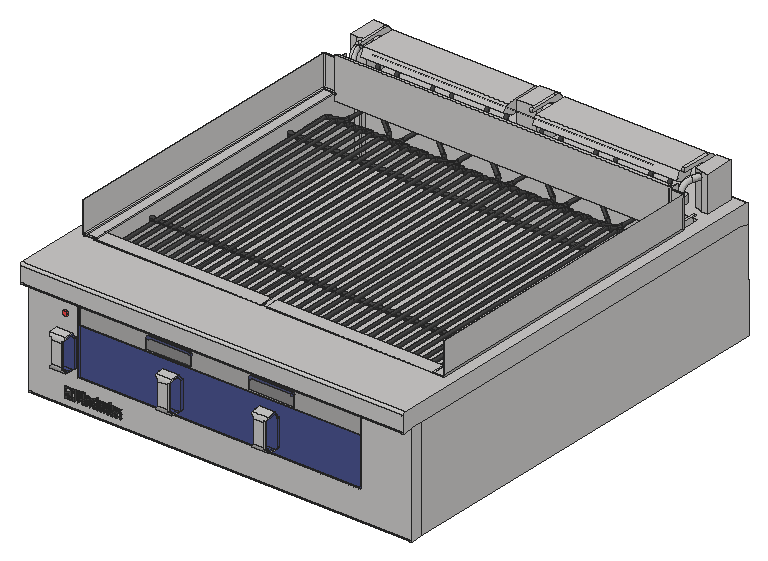
Revit family "QF_ELECTROLUXPROFESSIONAL_589286_MCDEAAHOIO", category Specialty Equipment, Revit 2018 (continued)
Automatic sketch dimensions
  Sweep 7 sketch curve to profile plane = 24.981 mm
  Sweep 7 sketch curve to Sweep 7 sketch curve = 2.981 mm
  Sweep 7 sketch curve to profile plane = 3 mm
  profile plane to Sweep 7 sketch curve = 22 mm
  Sweep 7 sketch curve to Sweep 7 sketch curve = 3.019 mm
  Sweep 7 sketch curve to Sweep 7 sketch curve = 22 mm  (x2)
  plane 15 "EI_y" to Extrusion 8 sketch curve = 3.348 mm
  plane 14 "EI_x" to Extrusion 8 sketch curve = 79 mm
  plane 14 "EI_x" to Extrusion 8 sketch curve = 74.991 mm
  plane 3 "LEFT" to Extrusion 8 sketch curve = 26.557 mm
  plane 10 "MontanteBack" to Extrusion 8 sketch curve = 71.621 mm  (x2)
  Extrusion 8 sketch curve to plane 15 "EI_y" = 16.548 mm
  Extrusion 8 sketch curve to Extrusion 8 sketch curve = 0.895 mm  (x2)
  Extrusion 8 sketch curve to Extrusion 8 sketch curve = 19.896 mm
  Extrusion 9 sketch curve to plane 9 "Grill" = 10.268 mm  (x2)
  Extrusion 9 sketch curve to plane 14 "EI_x" = 67.414 mm
  plane 10 "MontanteBack" to Extrusion 9 sketch curve = 187.586 mm
  Extrusion 10 sketch curve to plane 1 "BACK" = 0 mm  (x2)
  Extrusion 10 sketch curve to plane 12 "BASE" = 0 mm
  plane 1 "BACK" to Extrusion 10 sketch curve = 4 mm
  Extrusion 10 sketch curve to Extrusion 10 sketch curve = 0.695 mm
  Extrusion 10 sketch curve to Extrusion 10 sketch curve = 16.495 mm
  Extrusion 10 sketch curve to plane 5 "FRONT" = 46 mm
  Extrusion 10 sketch curve to plane 9 "Grill" = 27.939 mm
  Extrusion 10 sketch curve to Extrusion 10 sketch curve = 2.909 mm
  Extrusion 10 sketch curve to Extrusion 10 sketch curve = 0 mm
  Extrusion 11 sketch curve to plane 12 "BASE" = 0 mm
  Extrusion 11 sketch curve to plane 1 "BACK" = 0 mm  (x2)
  Extrusion 11 sketch curve to Extrusion 11 sketch curve = 2 mm  (x2)
  Extrusion 11 sketch curve to plane 9 "Grill" = 27.464 mm
  Extrusion 11 sketch curve to Extrusion 11 sketch curve = 0 mm
  Extrusion 12 sketch curve to plane 12 "BASE" = 0 mm
  Extrusion 12 sketch curve to plane 1 "BACK" = 0 mm  (x2)
  plane 1 "BACK" to Extrusion 12 sketch curve = 4 mm
  Extrusion 12 sketch curve to Extrusion 12 sketch curve = 0.695 mm
  Extrusion 12 sketch curve to Extrusion 12 sketch curve = 16.495 mm
  Extrusion 12 sketch curve to plane 5 "FRONT" = 46 mm
  Extrusion 12 sketch curve to plane 9 "Grill" = 27.939 mm
  Extrusion 12 sketch curve to Extrusion 12 sketch curve = 2.909 mm
  Extrusion 12 sketch curve to Extrusion 12 sketch curve = 0 mm
  plane 10 "MontanteBack" to Extrusion 13 sketch curve = 1.433 mm
  Extrusion 13 sketch curve to plane 10 "MontanteBack" = 3.46 mm
  plane 1 "BACK" to Extrusion 13 sketch curve = 11.433 mm
  plane 3 "LEFT" to Extrusion 13 sketch curve = 56.495 mm
  Extrusion 13 sketch curve to Extrusion 13 sketch curve = 16.004 mm
  plane 3 "LEFT" to Extrusion 13 sketch curve = 26.495 mm
  Extrusion 14 sketch curve to plane 13 "TOP" = 0 mm
  Extrusion 14 sketch curve to plane 13 "TOP" = 14.774 mm
  plane 10 "MontanteBack" to Extrusion 14 sketch curve = 30 mm
  Extrusion 14 sketch curve to Extrusion 14 sketch curve = 8.529 mm
  plane 10 "MontanteBack" to Extrusion 14 sketch curve = 9.471 mm
  plane 1 "BACK" to Extrusion 14 sketch curve = 33.395 mm
  plane 1 "BACK" to Extrusion 14 sketch curve = 16.433 mm
  Extrusion 14 sketch curve to Extrusion 14 sketch curve = 16.833 mm
  Extrusion 15 sketch curve to Extrusion 15 sketch curve = 0 mm  (x28)
  plane 3 "LEFT" to Extrusion 15 sketch curve = 77.595 mm
  Extrusion 15 sketch curve to Extrusion 15 sketch curve = 0.739 mm
  Extrusion 15 sketch curve to Extrusion 15 sketch curve = 3.518 mm  (x2)
  Extrusion 15 sketch curve to Extrusion 15 sketch curve = 3.22 mm
  Extrusion 15 sketch curve to Extrusion 15 sketch curve = 6.738 mm
  Extrusion 15 sketch curve to Extrusion 15 sketch curve = 0.042 mm
  Extrusion 15 sketch curve to Extrusion 15 sketch curve = 0.215 mm
  Extrusion 15 sketch curve to Extrusion 15 sketch curve = 9.216 mm
  Extrusion 15 sketch curve to Extrusion 15 sketch curve = 2.037 mm
  Extrusion 15 sketch curve to Extrusion 15 sketch curve = 0.99 mm
  Extrusion 15 sketch curve to Extrusion 15 sketch curve = 7.939 mm
  Extrusion 15 sketch curve to Extrusion 15 sketch curve = 5.283 mm
  Extrusion 15 sketch curve to Extrusion 15 sketch curve = 5.807 mm
  Extrusion 15 sketch curve to Extrusion 15 sketch curve = 1.023 mm  (x7)
  Extrusion 15 sketch curve to Extrusion 15 sketch curve = 0.853 mm
  Extrusion 15 sketch curve to Extrusion 15 sketch curve = 0.041 mm  (x2)
  Extrusion 15 sketch curve to Extrusion 15 sketch curve = 2.477 mm
  Extrusion 15 sketch curve to Extrusion 15 sketch curve = 2.478 mm  (x2)
  plane 12 "BASE" to Extrusion 15 sketch curve = 25.026 mm
  Extrusion 15 sketch curve to Extrusion 15 sketch curve = 2.138 mm
  plane 12 "BASE" to Extrusion 15 sketch curve = 24.956 mm
  Extrusion 15 sketch curve to Extrusion 15 sketch curve = 0.973 mm
  plane 12 "BASE" to Extrusion 15 sketch curve = 27.285 mm
  Extrusion 15 sketch curve to Extrusion 15 sketch curve = 0.021 mm
  Extrusion 15 sketch curve to Extrusion 15 sketch curve = 2.746 mm
  Extrusion 15 sketch curve to Extrusion 15 sketch curve = 4.005 mm
  Extrusion 15 sketch curve to Extrusion 15 sketch curve = 0.386 mm
  plane 12 "BASE" to Extrusion 15 sketch curve = 19.343 mm
  Extrusion 15 sketch curve to Extrusion 15 sketch curve = 0.781 mm
  Extrusion 15 sketch curve to Extrusion 15 sketch curve = 0.558 mm
  Extrusion 15 sketch curve to Extrusion 15 sketch curve = 0.839 mm
  Extrusion 15 sketch curve to Extrusion 15 sketch curve = 0.069 mm
  Extrusion 15 sketch curve to Extrusion 15 sketch curve = 0.09 mm
  Extrusion 15 sketch curve to Extrusion 15 sketch curve = 0.106 mm  (x2)
  plane 12 "BASE" to Extrusion 15 sketch curve = 19.677 mm
  Extrusion 15 sketch curve to Extrusion 15 sketch curve = 0.948 mm
  plane 12 "BASE" to Extrusion 15 sketch curve = 17.711 mm  (x5)
  Extrusion 15 sketch curve to Extrusion 15 sketch curve = 1.762 mm
  Extrusion 15 sketch curve to Extrusion 15 sketch curve = 1.933 mm
  Extrusion 15 sketch curve to Extrusion 15 sketch curve = 1.161 mm
  plane 12 "BASE" to Extrusion 15 sketch curve = 30.131 mm
  Extrusion 15 sketch curve to Extrusion 15 sketch curve = 4.066 mm
  Extrusion 15 sketch curve to Extrusion 15 sketch curve = 2.511 mm
  plane 12 "BASE" to Extrusion 15 sketch curve = 31.294 mm
  Extrusion 15 sketch curve to Extrusion 15 sketch curve = 0.062 mm  (x3)
  Extrusion 15 sketch curve to Extrusion 15 sketch curve = 4.223 mm
  plane 12 "BASE" to Extrusion 15 sketch curve = 33.576 mm
  Extrusion 15 sketch curve to Extrusion 15 sketch curve = 2.946 mm  (x2)
  plane 12 "BASE" to Extrusion 15 sketch curve = 35.692 mm
  plane 12 "BASE" to Extrusion 15 sketch curve = 24.696 mm
  plane 12 "BASE" to Extrusion 15 sketch curve = 26.812 mm
  Extrusion 15 sketch curve to Extrusion 15 sketch curve = 0.083 mm
  Extrusion 15 sketch curve to Extrusion 15 sketch curve = 2.635 mm
  plane 12 "BASE" to Extrusion 15 sketch curve = 28.016 mm
  Extrusion 15 sketch curve to Extrusion 15 sketch curve = 2.822 mm
  Extrusion 15 sketch curve to Extrusion 15 sketch curve = 6.865 mm  (x2)
  plane 12 "BASE" to Extrusion 15 sketch curve = 26.563 mm
  Extrusion 15 sketch curve to Extrusion 15 sketch curve = 1.494 mm  (x2)
  plane 12 "BASE" to Extrusion 15 sketch curve = 29.551 mm
  Extrusion 15 sketch curve to Extrusion 15 sketch curve = 2.158 mm
  plane 12 "BASE" to Extrusion 15 sketch curve = 30.422 mm
  plane 12 "BASE" to Extrusion 15 sketch curve = 30.194 mm  (x2)
  Extrusion 15 sketch curve to Extrusion 15 sketch curve = 1.28 mm
  Extrusion 15 sketch curve to Extrusion 15 sketch curve = 1.873 mm
  Extrusion 15 sketch curve to Extrusion 15 sketch curve = 0.18 mm
  Extrusion 15 sketch curve to Extrusion 15 sketch curve = 2.469 mm
  Extrusion 15 sketch curve to Extrusion 15 sketch curve = 4.222 mm
  plane 12 "BASE" to Extrusion 15 sketch curve = 26.916 mm
  Extrusion 15 sketch curve to Extrusion 15 sketch curve = 0.851 mm  (x2)
  plane 12 "BASE" to Extrusion 15 sketch curve = 35.734 mm
  Extrusion 15 sketch curve to Extrusion 15 sketch curve = 3.216 mm
  plane 12 "BASE" to Extrusion 15 sketch curve = 33.472 mm
  plane 12 "BASE" to Extrusion 15 sketch curve = 24.654 mm
  Extrusion 15 sketch curve to Extrusion 15 sketch curve = 0.569 mm
  Extrusion 15 sketch curve to Extrusion 15 sketch curve = 0.206 mm  (x2)
  Extrusion 15 sketch curve to Extrusion 15 sketch curve = 1.215 mm
  Extrusion 15 sketch curve to Extrusion 15 sketch curve = 0.138 mm
  Extrusion 15 sketch curve to Extrusion 15 sketch curve = 1.402 mm
  plane 12 "BASE" to Extrusion 15 sketch curve = 28.057 mm
  Extrusion 15 sketch curve to Extrusion 15 sketch curve = 2.656 mm  (x2)
  plane 12 "BASE" to Extrusion 15 sketch curve = 32.331 mm
  plane 12 "BASE" to Extrusion 15 sketch curve = 33.929 mm
  Extrusion 15 sketch curve to Extrusion 15 sketch curve = 1.535 mm  (x2)
  plane 12 "BASE" to Extrusion 15 sketch curve = 26.46 mm
  Extrusion 15 sketch curve to Extrusion 15 sketch curve = 2.417 mm
  Extrusion 15 sketch curve to Extrusion 15 sketch curve = 1.543 mm
  Extrusion 15 sketch curve to Extrusion 15 sketch curve = 1.389 mm  (x2)
  plane 12 "BASE" to Extrusion 15 sketch curve = 18.839 mm  (x2)
  Extrusion 15 sketch curve to Extrusion 15 sketch curve = 0.126 mm  (x2)
  plane 12 "BASE" to Extrusion 15 sketch curve = 19.329 mm  (x2)
  Extrusion 15 sketch curve to Extrusion 15 sketch curve = 0.782 mm  (x3)
  Extrusion 15 sketch curve to Extrusion 15 sketch curve = 0.58 mm  (x2)
  Extrusion 15 sketch curve to Extrusion 15 sketch curve = 0.975 mm  (x2)
  Extrusion 15 sketch curve to Extrusion 15 sketch curve = 0.016 mm  (x2)
  Extrusion 15 sketch curve to Extrusion 15 sketch curve = 0.427 mm  (x2)
  Extrusion 15 sketch curve to Extrusion 15 sketch curve = 0.009 mm  (x6)
  Extrusion 15 sketch curve to Extrusion 15 sketch curve = 0.094 mm  (x2)
  plane 12 "BASE" to Extrusion 15 sketch curve = 29.439 mm
  Extrusion 15 sketch curve to Extrusion 15 sketch curve = 2.475 mm
  Extrusion 15 sketch curve to Extrusion 15 sketch curve = 0.003 mm
  Extrusion 15 sketch curve to Extrusion 15 sketch curve = 0.093 mm  (x2)
  Extrusion 15 sketch curve to Extrusion 15 sketch curve = 0.13 mm  (x2)
  Extrusion 15 sketch curve to Extrusion 15 sketch curve = 0.007 mm  (x2)
  Extrusion 15 sketch curve to Extrusion 15 sketch curve = 0.045 mm  (x2)
  Extrusion 15 sketch curve to Extrusion 15 sketch curve = 0.305 mm  (x2)
  Extrusion 15 sketch curve to Extrusion 15 sketch curve = 0.12 mm  (x2)
  Extrusion 15 sketch curve to Extrusion 15 sketch curve = 0.209 mm  (x2)
  Extrusion 15 sketch curve to Extrusion 15 sketch curve = 0.236 mm  (x2)
  plane 12 "BASE" to Extrusion 15 sketch curve = 21.383 mm  (x2)
  Extrusion 15 sketch curve to Extrusion 15 sketch curve = 0.432 mm  (x2)
  plane 12 "BASE" to Extrusion 15 sketch curve = 25 mm
  Extrusion 15 sketch curve to Extrusion 15 sketch curve = 1.08 mm
  plane 12 "BASE" to Extrusion 15 sketch curve = 21.887 mm  (x2)
  Extrusion 15 sketch curve to Extrusion 15 sketch curve = 0.735 mm  (x2)
  Extrusion 15 sketch curve to Extrusion 15 sketch curve = 2.254 mm
  plane 12 "BASE" to Extrusion 15 sketch curve = 24.953 mm  (x2)
  Extrusion 15 sketch curve to Extrusion 15 sketch curve = 1.046 mm
  plane 12 "BASE" to Extrusion 15 sketch curve = 27.282 mm
  Extrusion 15 sketch curve to Extrusion 15 sketch curve = 6.129 mm
  Extrusion 15 sketch curve to Extrusion 15 sketch curve = 2.048 mm
  plane 12 "BASE" to Extrusion 15 sketch curve = 33.815 mm
  Extrusion 15 sketch curve to Extrusion 15 sketch curve = 2.458 mm  (x3)
  plane 12 "BASE" to Extrusion 15 sketch curve = 33.215 mm
  Extrusion 15 sketch curve to Extrusion 15 sketch curve = 2.809 mm
  Extrusion 15 sketch curve to Extrusion 15 sketch curve = 1.033 mm
  plane 12 "BASE" to Extrusion 15 sketch curve = 30.158 mm  (x4)
  Extrusion 15 sketch curve to Extrusion 15 sketch curve = 0.379 mm
  Extrusion 15 sketch curve to Extrusion 15 sketch curve = 2.459 mm
  Extrusion 15 sketch curve to Extrusion 15 sketch curve = 4.456 mm
  plane 12 "BASE" to Extrusion 15 sketch curve = 35.672 mm
  Extrusion 15 sketch curve to Extrusion 15 sketch curve = 6.06 mm
  plane 12 "BASE" to Extrusion 15 sketch curve = 26.894 mm
  Extrusion 15 sketch curve to Extrusion 15 sketch curve = 3.222 mm
  plane 12 "BASE" to Extrusion 15 sketch curve = 33.421 mm
  plane 12 "BASE" to Extrusion 15 sketch curve = 24.643 mm
  Extrusion 15 sketch curve to Extrusion 15 sketch curve = 3.221 mm
  Extrusion 15 sketch curve to Extrusion 15 sketch curve = 4.766 mm
  Extrusion 15 sketch curve to Extrusion 15 sketch curve = 1.524 mm
  Extrusion 15 sketch curve to Extrusion 15 sketch curve = 2.48 mm
  Extrusion 15 sketch curve to Extrusion 15 sketch curve = 1.895 mm
  Extrusion 15 sketch curve to Extrusion 15 sketch curve = 0.995 mm  (x2)
  plane 12 "BASE" to Extrusion 15 sketch curve = 20.84 mm
  Extrusion 15 sketch curve to Extrusion 15 sketch curve = 0.039 mm  (x2)
  Extrusion 15 sketch curve to Extrusion 15 sketch curve = 2.499 mm
  Extrusion 15 sketch curve to Extrusion 15 sketch curve = 2.276 mm
  plane 12 "BASE" to Extrusion 15 sketch curve = 24.684 mm
  Extrusion 15 sketch curve to Extrusion 15 sketch curve = 0.393 mm  (x3)
  plane 12 "BASE" to Extrusion 15 sketch curve = 26.956 mm
  Extrusion 15 sketch curve to Extrusion 15 sketch curve = 0.02 mm
  plane 12 "BASE" to Extrusion 15 sketch curve = 29.311 mm
  Extrusion 15 sketch curve to Extrusion 15 sketch curve = 2.273 mm
  Extrusion 15 sketch curve to Extrusion 15 sketch curve = 4.061 mm
  Extrusion 15 sketch curve to Extrusion 15 sketch curve = 1.099 mm
  Extrusion 15 sketch curve to Extrusion 15 sketch curve = 2.498 mm
  Extrusion 15 sketch curve to Extrusion 15 sketch curve = 0.485 mm  (x2)
  plane 12 "BASE" to Extrusion 15 sketch curve = 19.806 mm
  Extrusion 15 sketch curve to Extrusion 15 sketch curve = 0.459 mm  (x4)
  Extrusion 15 sketch curve to Extrusion 15 sketch curve = 1.143 mm
  plane 12 "BASE" to Extrusion 15 sketch curve = 22.688 mm
  Extrusion 15 sketch curve to Extrusion 15 sketch curve = 0.238 mm
  plane 12 "BASE" to Extrusion 15 sketch curve = 20.827 mm
  Extrusion 15 sketch curve to Extrusion 15 sketch curve = 0.462 mm
  plane 12 "BASE" to Extrusion 15 sketch curve = 35.363 mm  (x2)
  Extrusion 15 sketch curve to Extrusion 15 sketch curve = 0.922 mm
  plane 12 "BASE" to Extrusion 15 sketch curve = 18.785 mm
  plane 12 "BASE" to Extrusion 15 sketch curve = 27.449 mm
  Extrusion 15 sketch curve to Extrusion 15 sketch curve = 1.792 mm
  plane 12 "BASE" to Extrusion 15 sketch curve = 33.256 mm
  Extrusion 15 sketch curve to Extrusion 15 sketch curve = 1.54 mm
  Extrusion 15 sketch curve to Extrusion 15 sketch curve = 0.872 mm
  Extrusion 15 sketch curve to Extrusion 15 sketch curve = 1.1 mm
  Extrusion 15 sketch curve to Extrusion 15 sketch curve = 1.145 mm
  plane 12 "BASE" to Extrusion 15 sketch curve = 30.447 mm
  Extrusion 15 sketch curve to Extrusion 15 sketch curve = 2.054 mm
  plane 12 "BASE" to Extrusion 15 sketch curve = 28.63 mm
  Extrusion 15 sketch curve to Extrusion 15 sketch curve = 1.363 mm  (x2)
  plane 12 "BASE" to Extrusion 15 sketch curve = 32.244 mm
  plane 12 "BASE" to Extrusion 15 sketch curve = 30.467 mm
  Extrusion 15 sketch curve to Extrusion 15 sketch curve = 1.364 mm
  Extrusion 15 sketch curve to Extrusion 15 sketch curve = 4.137 mm
  Extrusion 15 sketch curve to Extrusion 15 sketch curve = 2.252 mm  (x2)
  Extrusion 15 sketch curve to Extrusion 15 sketch curve = 0.127 mm
  plane 12 "BASE" to Extrusion 15 sketch curve = 28.282 mm
  Extrusion 15 sketch curve to Extrusion 15 sketch curve = 1.563 mm
  plane 12 "BASE" to Extrusion 15 sketch curve = 33.104 mm
  Extrusion 15 sketch curve to Extrusion 15 sketch curve = 1.048 mm
  Extrusion 15 sketch curve to Extrusion 15 sketch curve = 1.914 mm
  Extrusion 15 sketch curve to Extrusion 15 sketch curve = 2.706 mm
  Extrusion 15 sketch curve to Extrusion 15 sketch curve = 2.664 mm
  Extrusion 15 sketch curve to Extrusion 15 sketch curve = 7.314 mm
  Extrusion 15 sketch curve to Extrusion 15 sketch curve = 1.632 mm
  Extrusion 15 sketch curve to Extrusion 15 sketch curve = 3.648 mm  (x2)
  Extrusion 15 sketch curve to Extrusion 15 sketch curve = 3.598 mm  (x2)
  Extrusion 15 sketch curve to Extrusion 15 sketch curve = 4.176 mm
  Extrusion 15 sketch curve to Extrusion 15 sketch curve = 1.127 mm
  Extrusion 15 sketch curve to Extrusion 15 sketch curve = 3.129 mm
  Extrusion 15 sketch curve to Extrusion 15 sketch curve = 0.787 mm
  Extrusion 15 sketch curve to Extrusion 15 sketch curve = 0.856 mm
  Extrusion 15 sketch curve to Extrusion 15 sketch curve = 0.934 mm
  Extrusion 15 sketch curve to Extrusion 15 sketch curve = 0.941 mm  (x3)
  Extrusion 15 sketch curve to Extrusion 15 sketch curve = 0.537 mm  (x2)
  Extrusion 15 sketch curve to Extrusion 15 sketch curve = 0.25 mm
  Extrusion 15 sketch curve to Extrusion 15 sketch curve = 0.311 mm  (x2)
  Extrusion 15 sketch curve to Extrusion 15 sketch curve = 0.031 mm
  Extrusion 15 sketch curve to Extrusion 15 sketch curve = 1.686 mm
  Extrusion 15 sketch curve to Extrusion 15 sketch curve = 0.082 mm
  Extrusion 15 sketch curve to Extrusion 15 sketch curve = 1.753 mm
  Extrusion 15 sketch curve to Extrusion 15 sketch curve = 0.014 mm  (x2)
  Extrusion 15 sketch curve to Extrusion 15 sketch curve = 0.109 mm  (x2)
  Extrusion 15 sketch curve to Extrusion 15 sketch curve = 0.018 mm  (x2)
  Extrusion 15 sketch curve to Extrusion 15 sketch curve = 2.046 mm
  Extrusion 15 sketch curve to Extrusion 15 sketch curve = 0.827 mm
  Extrusion 15 sketch curve to Extrusion 15 sketch curve = 4.496 mm
  Extrusion 15 sketch curve to Extrusion 15 sketch curve = 4.443 mm
  Extrusion 15 sketch curve to Extrusion 15 sketch curve = 1.66 mm
  Extrusion 15 sketch curve to Extrusion 15 sketch curve = 0.631 mm  (x2)
  Extrusion 15 sketch curve to Extrusion 15 sketch curve = 1.016 mm
  Extrusion 15 sketch curve to Extrusion 15 sketch curve = 0.313 mm  (x2)
  Extrusion 15 sketch curve to Extrusion 15 sketch curve = 0.94 mm  (x3)
  Extrusion 15 sketch curve to Extrusion 15 sketch curve = 0.163 mm  (x2)
  Extrusion 15 sketch curve to Extrusion 15 sketch curve = 0.192 mm  (x2)
  Extrusion 15 sketch curve to Extrusion 15 sketch curve = 0.704 mm
  Extrusion 15 sketch curve to Extrusion 15 sketch curve = 0.686 mm
  Extrusion 15 sketch curve to Extrusion 15 sketch curve = 0.002 mm
  Extrusion 15 sketch curve to Extrusion 15 sketch curve = 0.077 mm  (x2)
  Extrusion 15 sketch curve to Extrusion 15 sketch curve = 0.164 mm  (x2)
  Extrusion 15 sketch curve to Extrusion 15 sketch curve = 0.865 mm
  Extrusion 15 sketch curve to Extrusion 15 sketch curve = 1.05 mm
  Extrusion 15 sketch curve to Extrusion 15 sketch curve = 0.337 mm  (x2)
  Extrusion 15 sketch curve to Extrusion 15 sketch curve = 4.036 mm
  Extrusion 15 sketch curve to Extrusion 15 sketch curve = 1.996 mm
  Extrusion 15 sketch curve to Extrusion 15 sketch curve = 1.955 mm
  Extrusion 15 sketch curve to Extrusion 15 sketch curve = 1.847 mm
  Extrusion 15 sketch curve to Extrusion 15 sketch curve = 2.265 mm  (x2)
  Extrusion 15 sketch curve to Extrusion 15 sketch curve = 0.004 mm  (x2)
  Extrusion 15 sketch curve to Extrusion 15 sketch curve = 0.132 mm
  Extrusion 15 sketch curve to Extrusion 15 sketch curve = 0.034 mm
  Extrusion 15 sketch curve to Extrusion 15 sketch curve = 4.131 mm
  Extrusion 15 sketch curve to Extrusion 15 sketch curve = 1.129 mm
  Extrusion 15 sketch curve to Extrusion 15 sketch curve = 0.166 mm
  Extrusion 15 sketch curve to Extrusion 15 sketch curve = 0.141 mm
  Extrusion 15 sketch curve to Extrusion 15 sketch curve = 2.155 mm
  Extrusion 15 sketch curve to Extrusion 15 sketch curve = 3.388 mm
  Extrusion 15 sketch curve to Extrusion 15 sketch curve = 1.833 mm
  Extrusion 15 sketch curve to Extrusion 15 sketch curve = 1.273 mm
  Extrusion 15 sketch curve to Extrusion 15 sketch curve = 2.637 mm
  Extrusion 15 sketch curve to Extrusion 15 sketch curve = 0.103 mm
  Extrusion 15 sketch curve to Extrusion 15 sketch curve = 3.672 mm
  Extrusion 15 sketch curve to Extrusion 15 sketch curve = 2.338 mm
  Extrusion 15 sketch curve to Extrusion 15 sketch curve = 1.548 mm
  Extrusion 15 sketch curve to Extrusion 15 sketch curve = 6.073 mm
  Extrusion 15 sketch curve to Extrusion 15 sketch curve = 2.396 mm
  Extrusion 15 sketch curve to Extrusion 15 sketch curve = 1.409 mm
  Extrusion 15 sketch curve to Extrusion 15 sketch curve = 3.403 mm
  Extrusion 15 sketch curve to Extrusion 15 sketch curve = 0.89 mm
  Extrusion 15 sketch curve to Extrusion 15 sketch curve = 2.331 mm
  Extrusion 15 sketch curve to Extrusion 15 sketch curve = 3.986 mm
  Extrusion 15 sketch curve to Extrusion 15 sketch curve = 3.987 mm
  Extrusion 15 sketch curve to Extrusion 15 sketch curve = 1.009 mm  (x2)
  Extrusion 15 sketch curve to Extrusion 15 sketch curve = 0.125 mm  (x2)
  Extrusion 15 sketch curve to Extrusion 15 sketch curve = 0.522 mm  (x2)
  Extrusion 15 sketch curve to Extrusion 15 sketch curve = 0.257 mm  (x2)
  Extrusion 15 sketch curve to Extrusion 15 sketch curve = 0.286 mm  (x2)
  Extrusion 15 sketch curve to Extrusion 15 sketch curve = 0.278 mm  (x2)
  Extrusion 15 sketch curve to Extrusion 15 sketch curve = 0.822 mm  (x2)
  Extrusion 15 sketch curve to Extrusion 15 sketch curve = 0.835 mm  (x2)
  Sweep 16 sketch curve to plane 13 "TOP" = 30.001 mm
  Sweep 16 sketch curve to plane 13 "TOP" = 11.001 mm
  Sweep 16 sketch curve to Sweep 16 sketch curve = 18 mm
  Sweep 16 sketch curve to Sweep 16 sketch curve = 4 mm
  plane 11 "SCARICO" to Sweep 16 sketch curve = 0 mm
  Sweep 16 sketch curve to profile plane = 0 mm
  Sweep 17 sketch curve to plane 13 "TOP" = 34.001 mm
  Sweep 17 sketch curve to Sweep 17 sketch curve = 13.5 mm
  plane 11 "SCARICO" to Sweep 17 sketch curve = 0 mm
  Sweep 17 sketch curve to profile plane = 0 mm
  plane 6 "PLAIN" to Extrusion 18 sketch curve = 1.152 mm
  plane 3 "LEFT" to Extrusion 18 sketch curve = 45 mm
  Extrusion 18 sketch curve to plane 7 "Center (Left/Right)" = 6.399 mm
  plane 12 "BASE" to Extrusion 18 sketch curve = 250 mm
  Extrusion 19 sketch curve to plane 6 "PLAIN" = 0 mm
  plane 3 "LEFT" to Extrusion 19 sketch curve = 81 mm
  plane 7 "Center (Left/Right)" to Extrusion 19 sketch curve = 19 mm
  plane 12 "BASE" to Extrusion 19 sketch curve = 110 mm
  Extrusion 20 sketch curve to plane 6 "PLAIN" = 0 mm
  plane 3 "LEFT" to Extrusion 20 sketch curve = 81 mm
  plane 15 "EI_y" to Extrusion 20 sketch curve = 17.557 mm
  plane 12 "BASE" to Extrusion 20 sketch curve = 110 mm
  plane 15 "EI_y" to Extrusion 21 sketch curve = 12.238 mm
  plane 10 "MontanteBack" to Extrusion 21 sketch curve = 65.726 mm
  Extrusion 21 sketch curve to Extrusion 21 sketch curve = 2.105 mm  (x2)
  plane 15 "EI_y" to Extrusion 21 sketch curve = 5.452 mm
  plane 3 "LEFT" to Extrusion 21 sketch curve = 56.238 mm
  Extrusion 21 sketch curve to Extrusion 21 sketch curve = 6.786 mm
  Extrusion 21 sketch curve to Extrusion 21 sketch curve = 0 mm  (x2)
  plane 16 to Extrusion 22 sketch curve = 0 mm
  Extrusion 22 sketch curve to plane 9 "Grill" = 0 mm  (x2)
  plane 10 "MontanteBack" to Extrusion 22 sketch curve = 99.724 mm
  Extrusion 22 sketch curve to Extrusion 22 sketch curve = 3.1 mm  (x2)
  Extrusion 22 sketch curve to Extrusion 22 sketch curve = 32.302 mm
  Extrusion 22 sketch curve to Extrusion 22 sketch curve = 4.65 mm  (x2)
  Extrusion 22 sketch curve to Extrusion 22 sketch curve = 507.382 mm
  Extrusion 22 sketch curve to Extrusion 22 sketch curve = 41.464 mm
  Extrusion 22 sketch curve to Extrusion 22 sketch curve = 2.45 mm
  Extrusion 22 sketch curve to Extrusion 22 sketch curve = 4.244 mm
  Extrusion 22 sketch curve to Extrusion 22 sketch curve = 5.369 mm  (x2)
  Extrusion 22 sketch curve to Extrusion 22 sketch curve = 41.167 mm
  Extrusion 22 sketch curve to Extrusion 22 sketch curve = 5.502 mm
  Extrusion 22 sketch curve to Extrusion 22 sketch curve = 4.788 mm
  Extrusion 22 sketch curve to Extrusion 22 sketch curve = 106.667 mm
  Extrusion 22 sketch curve to Extrusion 22 sketch curve = 87.573 mm
  Extrusion 22 sketch curve to Extrusion 22 sketch curve = 1.306 mm
  Extrusion 22 sketch curve to Extrusion 22 sketch curve = 8.054 mm
  Extrusion 22 sketch curve to Extrusion 22 sketch curve = 9.3 mm
  Extrusion 22 sketch curve to Extrusion 22 sketch curve = 39.063 mm
  Extrusion 22 sketch curve to Extrusion 22 sketch curve = 2.871 mm
  Extrusion 23 sketch curve to plane 13 "TOP" = 0 mm  (x2)
  Extrusion 23 sketch curve to plane 10 "MontanteBack" = 4.508 mm
  plane 13 "TOP" to Extrusion 23 sketch curve = 32.592 mm
  Extrusion 23 sketch curve to Extrusion 23 sketch curve = 23.633 mm
  Extrusion 23 sketch curve to Extrusion 23 sketch curve = 27.957 mm
  plane 13 "TOP" to Extrusion 24 sketch curve = 7.313 mm
  plane 10 "MontanteBack" to Extrusion 24 sketch curve = 18.546 mm
  plane 13 "TOP" to Extrusion 24 sketch curve = 1.313 mm
  Extrusion 24 sketch curve to plane 10 "MontanteBack" = 20.263 mm
  Extrusion 24 sketch curve to Extrusion 24 sketch curve = 18.304 mm
  Extrusion 24 sketch curve to plane 13 "TOP" = 7.687 mm
  Extrusion 24 sketch curve to Extrusion 24 sketch curve = 20.771 mm
  Extrusion 24 sketch curve to Extrusion 24 sketch curve = 4.193 mm
  Extrusion 24 sketch curve to Extrusion 24 sketch curve = 7.322 mm
  Extrusion 24 sketch curve to plane 13 "TOP" = 4.569 mm
  plane 1 "BACK" to Extrusion 24 sketch curve = 11.433 mm
  Extrusion 24 sketch curve to Extrusion 24 sketch curve = 13.461 mm
  Extrusion 24 sketch curve to plane 13 "TOP" = 19.001 mm
  Extrusion 24 sketch curve to Extrusion 24 sketch curve = 23.999 mm
  Extrusion 24 sketch curve to Extrusion 24 sketch curve = 8.568 mm
  Extrusion 24 sketch curve to Extrusion 24 sketch curve = 9.081 mm
  Extrusion 24 sketch curve to Extrusion 24 sketch curve = 1.291 mm
  Extrusion 26 sketch curve to Extrusion 26 sketch curve = 0 mm  (x2)
  plane 10 "MontanteBack" to Extrusion 26 sketch curve = 93.701 mm
  plane 15 "EI_y" to Extrusion 26 sketch curve = 101 mm
  plane 10 "MontanteBack" to Extrusion 27 sketch curve = 93.701 mm
  plane 15 "EI_y" to Extrusion 27 sketch curve = 101 mm
  plane 10 "MontanteBack" to Extrusion 28 sketch curve = 93.701 mm
  plane 15 "EI_y" to Extrusion 28 sketch curve = 101 mm
  plane 14 "EI_x" to Extrusion 29 sketch curve = 47.818 mm
  plane 3 "LEFT" to Extrusion 29 sketch curve = 86.446 mm
  plane 14 "EI_x" to Extrusion 30 sketch curve = 47.818 mm
  plane 3 "LEFT" to Extrusion 30 sketch curve = 86.446 mm
  plane 14 "EI_x" to Extrusion 31 sketch curve = 0 mm
  Extrusion 31 sketch curve to plane 15 "EI_y" = 0 mm
  Extrusion 32 sketch curve to plane 14 "EI_x" = 15 mm
  plane 15 "EI_y" to Extrusion 32 sketch curve = 157 mm
  plane 15 "EI_y" to Extrusion 33 sketch curve = 11 mm
  Extrusion 33 sketch curve to plane 8 "Center (Front/Back)" = 73 mm
  Extrusion 34 sketch curve to plane 13 "TOP" = 0 mm
  Extrusion 34 sketch curve to plane 13 "TOP" = 14.774 mm
  plane 10 "MontanteBack" to Extrusion 34 sketch curve = 30 mm
  Extrusion 34 sketch curve to Extrusion 34 sketch curve = 8.529 mm
  plane 10 "MontanteBack" to Extrusion 34 sketch curve = 9.471 mm
  plane 1 "BACK" to Extrusion 34 sketch curve = 33.395 mm
  plane 1 "BACK" to Extrusion 34 sketch curve = 16.433 mm
  Extrusion 34 sketch curve to Extrusion 34 sketch curve = 16.833 mm
  Extrusion 35 sketch curve to plane 13 "TOP" = 0 mm
  Extrusion 35 sketch curve to plane 13 "TOP" = 14.774 mm
  plane 10 "MontanteBack" to Extrusion 35 sketch curve = 30 mm
  Extrusion 35 sketch curve to Extrusion 35 sketch curve = 8.529 mm
  plane 10 "MontanteBack" to Extrusion 35 sketch curve = 9.471 mm
  plane 1 "BACK" to Extrusion 35 sketch curve = 33.395 mm
  plane 1 "BACK" to Extrusion 35 sketch curve = 16.433 mm
  Extrusion 35 sketch curve to Extrusion 35 sketch curve = 16.833 mm
  Extrusion 36 sketch curve to plane 10 "MontanteBack" = 1.433 mm
  plane 10 "MontanteBack" to Extrusion 36 sketch curve = 3.46 mm
  Extrusion 36 sketch curve to plane 1 "BACK" = 11.433 mm
  Extrusion 36 sketch curve to plane 15 "EI_y" = 12.495 mm
  plane 15 "EI_y" to Extrusion 36 sketch curve = 3.509 mm
  plane 15 "EI_y" to Extrusion 36 sketch curve = 17.505 mm
  plane 13 "TOP" to Extrusion 37 sketch curve = 7.313 mm
  plane 10 "MontanteBack" to Extrusion 37 sketch curve = 18.546 mm
  plane 13 "TOP" to Extrusion 37 sketch curve = 1.313 mm
  Extrusion 37 sketch curve to plane 10 "MontanteBack" = 20.263 mm
  Extrusion 37 sketch curve to Extrusion 37 sketch curve = 18.304 mm
  Extrusion 37 sketch curve to plane 13 "TOP" = 7.687 mm
  Extrusion 37 sketch curve to Extrusion 37 sketch curve = 20.771 mm
  Extrusion 37 sketch curve to Extrusion 37 sketch curve = 4.193 mm
  Extrusion 37 sketch curve to Extrusion 37 sketch curve = 7.322 mm
  Extrusion 37 sketch curve to plane 13 "TOP" = 4.569 mm
  plane 1 "BACK" to Extrusion 37 sketch curve = 11.433 mm
  Extrusion 37 sketch curve to Extrusion 37 sketch curve = 13.461 mm
  Extrusion 37 sketch curve to plane 13 "TOP" = 19.001 mm
  Extrusion 37 sketch curve to Extrusion 37 sketch curve = 23.999 mm
  Extrusion 37 sketch curve to Extrusion 37 sketch curve = 8.568 mm
  Extrusion 37 sketch curve to Extrusion 37 sketch curve = 9.081 mm
  Extrusion 37 sketch curve to Extrusion 37 sketch curve = 1.291 mm
  plane 13 "TOP" to Extrusion 38 sketch curve = 7.313 mm
  plane 10 "MontanteBack" to Extrusion 38 sketch curve = 18.546 mm
  plane 13 "TOP" to Extrusion 38 sketch curve = 1.313 mm
  Extrusion 38 sketch curve to plane 10 "MontanteBack" = 20.263 mm
  Extrusion 38 sketch curve to Extrusion 38 sketch curve = 18.304 mm
  Extrusion 38 sketch curve to plane 13 "TOP" = 7.687 mm
  Extrusion 38 sketch curve to Extrusion 38 sketch curve = 20.771 mm
  Extrusion 38 sketch curve to Extrusion 38 sketch curve = 4.193 mm
  Extrusion 38 sketch curve to Extrusion 38 sketch curve = 7.322 mm
  Extrusion 38 sketch curve to plane 13 "TOP" = 4.569 mm
  plane 1 "BACK" to Extrusion 38 sketch curve = 11.433 mm
  Extrusion 38 sketch curve to Extrusion 38 sketch curve = 13.461 mm
  Extrusion 38 sketch curve to plane 13 "TOP" = 19.001 mm
  Extrusion 38 sketch curve to Extrusion 38 sketch curve = 23.999 mm
  Extrusion 38 sketch curve to Extrusion 38 sketch curve = 8.568 mm
  Extrusion 38 sketch curve to Extrusion 38 sketch curve = 9.081 mm
  Extrusion 38 sketch curve to Extrusion 38 sketch curve = 1.291 mm
  plane 10 "MontanteBack" to Extrusion 39 sketch curve = 1.433 mm
  plane 1 "BACK" to Extrusion 39 sketch curve = 11.433 mm
  plane 7 "Center (Left/Right)" to Extrusion 39 sketch curve = 15.765 mm
  Extrusion 39 sketch curve to plane 7 "Center (Left/Right)" = 25.275 mm
  plane 13 "TOP" to Sweep 40 sketch curve = 30.001 mm
  plane 13 "TOP" to Sweep 40 sketch curve = 11.001 mm
  Sweep 40 sketch curve to Sweep 40 sketch curve = 18 mm
  Sweep 40 sketch curve to Sweep 40 sketch curve = 4 mm
  plane 17 "Scarico2" to Sweep 40 sketch curve = 0 mm
  profile plane to Sweep 40 sketch curve = 0 mm
  plane 13 "TOP" to Sweep 41 sketch curve = 34.001 mm
  Sweep 41 sketch curve to Sweep 41 sketch curve = 13.5 mm
  Sweep 41 sketch curve to plane 17 "Scarico2" = 0 mm
  profile plane to Sweep 41 sketch curve = 0 mm
  Extrusion 42 sketch curve to plane 6 "PLAIN" = 1.152 mm
  Extrusion 42 sketch curve to plane 15 "EI_y" = 1 mm
  Extrusion 42 sketch curve to plane 7 "Center (Left/Right)" = 6.399 mm
  Extrusion 42 sketch curve to plane 12 "BASE" = 250 mm
  curve 24 to curve 30 = 0 mm  (x2)
  curve 26 to curve 32 = 0 mm  (x2)
  curve 54 to curve 59 = 0 mm  (x2)
  curve 56 to curve 61 = 0 mm  (x2)
  curve 2 to plane 4 "RIGHT" = 0 mm
  plane 5 "FRONT" to curve 2 = 0 mm
  curve 47 to plane 17 "Scarico2" = 0 mm
  plane 11 "SCARICO" to curve 17 = 0 mm
  curve 48 to plane 17 "Scarico2" = 0 mm
  plane 11 "SCARICO" to curve 18 = 0 mm
  plane 1 "BACK" to curve 3 = 0 mm
  curve 3 to plane 3 "LEFT" = 0 mm
  curve 2 to plane 3 "LEFT" = 0 mm
  plane 3 "LEFT" to curve 28 = 22.5 mm
  plane 14 "EI_x" to curve 28 = 79 mm
  curve 57 to plane 15 "EI_y" = 21.5 mm
  plane 10 "MontanteBack" to curve 57 = 71.621 mm
  plane 10 "MontanteBack" to curve 27 = 71.621 mm
  plane 15 "EI_y" to curve 236 = 5.452 mm
  curve 56 to curve 236 = 0.895 mm
  curve 33 to curve 25 = 4.057 mm
  curve 62 to curve 55 = 4.057 mm
  curve 55 to curve 53 = 3.048 mm
  curve 25 to curve 31 = 3.048 mm
  curve 60 to curve 60 = 14 mm
  curve 30 to curve 31 = 14 mm
  plane 15 "EI_y" to curve 45 = 7.669 mm
  curve 52 to curve 45 = 12.966 mm
  curve 22 to curve 15 = 12.966 mm
  curve 47 to curve 47 = 1.608 mm
  curve 15 to curve 17 = 1.608 mm
  curve 47 to curve 48 = 0.002 mm
  curve 17 to curve 18 = 0.002 mm
  plane 15 "EI_y" to curve 46 = 18.188 mm
  curve 17 to curve 16 = 1.608 mm
  curve 17 to curve 13 = 3.439 mm
  curve 46 to curve 73 = 3.439 mm
  plane 10 "MontanteBack" to curve 81 = 25.19 mm
  plane 10 "MontanteBack" to curve 77 = 25.19 mm
  curve 44 to curve 42 = 8.454 mm
  curve 16 to curve 9 = 11.893 mm
  curve 50 to plane 15 "EI_y" = 4 mm
  curve 81 to curve 50 = 8.19 mm
  curve 77 to curve 21 = 8.19 mm
  plane 10 "MontanteBack" to curve 39 = 1.433 mm
  plane 10 "MontanteBack" to curve 67 = 1.433 mm
  plane 10 "MontanteBack" to curve 8 = 1.433 mm
  curve 37 to plane 10 "MontanteBack" = 3.46 mm
  curve 7 to plane 10 "MontanteBack" = 3.46 mm
  plane 1 "BACK" to curve 37 = 11.433 mm
  plane 1 "BACK" to curve 5 = 11.433 mm
  curve 41 to curve 36 = 0 mm
  curve 5 to curve 9 = 0 mm
  plane 1 "BACK" to curve 64 = 11.433 mm
  curve 66 to curve 70 = 0 mm
  curve 35 to plane 15 "EI_y" = 17.505 mm
  curve 80 to curve 81 = 13.443 mm
  curve 39 to plane 15 "EI_y" = 3.509 mm
  plane 15 "EI_y" to curve 51 = 1 mm
  plane 15 "EI_y" to curve 38 = 12.495 mm
  curve 42 to curve 46 = 2.688 mm
  curve 40 to curve 41 = 5.672 mm
  curve 46 to curve 44 = 7.812 mm
  plane 7 "Center (Left/Right)" to curve 72 = 30 mm
  curve 72 to curve 68 = 6.601 mm
  curve 68 to curve 68 = 5.744 mm
  curve 68 to curve 66 = 1.89 mm
  curve 74 to plane 7 "Center (Left/Right)" = 25.275 mm
  curve 64 to curve 65 = 4.725 mm
  curve 13 to curve 18 = 13.072 mm
  curve 79 to curve 12 = 4.828 mm
  curve 16 to curve 17 = 5.26 mm
  curve 10 to curve 9 = 5.672 mm
  curve 22 to curve 15 = 4.888 mm
  curve 9 to curve 6 = 3.005 mm
  curve 9 to curve 19 = 14.5 mm
  curve 19 to curve 7 = 4.509 mm
  curve 19 to curve 20 = 5 mm
  curve 77 to curve 76 = 13.443 mm
  curve 7 to curve 4 = 13.996 mm
  plane 15 "EI_y" to curve 234 = 3.348 mm
  curve 234 to curve 233 = 29.101 mm
  curve 232 to plane 14 "EI_x" = 63.412 mm
  curve 160 to plane 14 "EI_x" = 63.412 mm
  curve 232 to curve 231 = 8 mm
  curve 160 to curve 159 = 8 mm
  curve 158 to curve 234 = 120.846 mm
  plane 3 "LEFT" to curve 86 = 47.348 mm
  curve 86 to curve 84 = 120.846 mm
  curve 86 to curve 85 = 8 mm
  curve 158 to curve 157 = 8 mm
  curve 61 to curve 58 = 0.055 mm
  curve 32 to curve 29 = 0.055 mm
  curve 234 to curve 50 = 5 mm
  curve 34 to curve 31 = 2.105 mm
  curve 55 to curve 51 = 0.943 mm
  curve 18 to curve 77 = 2.354 mm
  plane 15 "EI_y" to curve 48 = 4.883 mm
  curve 79 to curve 18 = 0.673 mm
  curve 13 to curve 75 = 5 mm
  curve 83 to curve 48 = 0.673 mm
  curve 48 to curve 82 = 2.543 mm
  curve 18 to curve 78 = 2.543 mm
  curve 75 to curve 70 = 3.454 mm
  curve 70 to curve 69 = 0 mm
  curve 72 to curve 68 = 5 mm
  curve 63 to curve 64 = 5 mm
  curve 28 to curve 58 = 4.056 mm
  curve 231 to curve 231 = 17.053 mm
  curve 157 to curve 157 = 17.053 mm
  curve 158 to curve 157 = 0 mm
  curve 232 to curve 231 = 0 mm
  plane 7 "Center (Left/Right)" to curve 238 = 6.399 mm
  curve 237 to plane 7 "Center (Left/Right)" = 6.399 mm
  curve 160 to curve 160 = 17.053 mm
  curve 86 to curve 86 = 17.053 mm
  curve 85 to curve 86 = 0 mm
  curve 159 to curve 160 = 0 mm
  curve 32 to curve 29 = 0.001 mm
  plane 7 "Center (Left/Right)" to curve 239 = 17.655 mm
  plane 10 "MontanteBack" to curve 239 = 21.546 mm
  curve 239 to curve 239 = 5.744 mm
  radius of Extrusion 6 sketch curve = 16 mm
  radius of Extrusion 9 sketch curve = 4.002 mm  (x2)
  radius of Extrusion 15 sketch curve = 2.585 mm  (x2)
  radius of Extrusion 15 sketch curve = 1.64 mm
  radius of Extrusion 15 sketch curve = 1.548 mm
  radius of Sweep 16 sketch curve = 5.5 mm
  radius of Sweep 17 sketch curve = 11 mm
  radius of Extrusion 26 sketch curve = 49 mm
  radius of Extrusion 26 sketch curve = 44 mm
  radius of Extrusion 27 sketch curve = 35 mm
  radius of Extrusion 28 sketch curve = 35 mm
  radius of Extrusion 29 sketch curve = 3.406 mm
  radius of Extrusion 30 sketch curve = 3.406 mm
  radius of Extrusion 31 sketch curve = 10 mm
  radius of Extrusion 32 sketch curve = 6.35 mm
  radius of Extrusion 33 sketch curve = 10 mm
  radius of Sweep 40 sketch curve = 5.5 mm
  radius of Sweep 41 sketch curve = 11 mm
Nested families
  nested 1: "CharGrill2" at (53.881, -8.615, 613.364), type "CharGrill2"
    with Width 628.013 mm, No. of Rails 2, Grill Width 180 mm
  nested 2: "CharGrill2" at (167.881, -8.615, 613.364), type "CharGrill2"
    with Width 628.013 mm, No. of Rails 2, Grill Width 180 mm
  nested 3: "CharGrill2" at (-60.119, -8.615, 613.364), type "CharGrill2"
    with Width 628.013 mm, No. of Rails 2, Grill Width 180 mm
  nested 4: "CharGrill2" at (746.119, -8.615, 613.364) x (-1, 0, 0) z (0, 0, 1), type "CharGrill2"
    with Width 628.013 mm, No. of Rails 2, Grill Width 180 mm
  nested 5: "CharGrill2" at (632.119, -8.615, 613.364) x (-1, 0, 0) z (0, 0, 1), type "CharGrill2"
    with Width 628.013 mm, No. of Rails 2, Grill Width 180 mm
  nested 6: "CharGrill2" at (860.119, -8.615, 613.364) x (-1, 0, 0) z (0, 0, 1), type "CharGrill2"
    with Width 628.013 mm, No. of Rails 2, Grill Width 180 mm
  nested 7: "GC_900_800_Front_Panel" at (252.376, -854, 0), type "GC_900_800_Front_Panel"
Connectors
  electrical at (756, -685, 670), driven by "Volts"
    settings: on Extrusion 31, index 1, voltage 400 V, apparent load 0 VA, apparent load phase1 0 VA, apparent load phase2 0 VA, apparent load phase3 0 VA, power factor 1, load classification "Other", number of poles 1, system type 30, power factor state 1, is connector primary yes, connector utility no, sub classification motor no, connector description "Electrical Connection"
  piping at (745, -523, 670), diameter 12.7, driven by "Cold Water Size"
    settings: on Extrusion 33, index 2, connector inside diameter 24", connector length 0 mm, flow factor 0, pipe flow 0 GPM, pressure drop 0.00 psi, fitting loss kfactor 0, connector angle 0.00°, fixture units 0, engagement length 0 mm, angle of deflection 0.00°, flow configuration 1, flow direction 1, fitting loss method 0, system type 20, joint type 0, gender type 0, connector reference index -1, connector utility 0, adjustable connector no, is connector primary yes, connector description "Cold Water Inlet"
  piping at (599, -670, 650), diameter 12.7
    settings: on Extrusion 32, index 3, connector inside diameter 24", connector length 0 mm, flow factor 0, pipe flow 0 GPM, pressure drop 0.00 psi, fitting loss kfactor 0, connector angle 0.00°, fixture units 0, engagement length 0 mm, angle of deflection 0.00°, flow configuration 1, flow direction 2, fitting loss method 0, system type 16, joint type 0, gender type 0, connector reference index -1, connector utility 0, adjustable connector no, is connector primary no, connector description "Drain"
Definition of nested family "CharGrill2"
  Parameters
    Width [instance] = 628.013 mm
    No. of Rails [instance] = 2
    Grill Width [instance] = 180 mm
  Reference planes
    plane 1 "Center (Front/Back)": y = -391.385
    plane 2: z = 0
    plane 3 "Center (Left/Right)": x = 175.119
    plane 4: z = 324
    plane 5 "CilinderX": y = -47.625
    plane 6 "FrontAngle": through (-6096, -715.508, 270.359) normal (0, -0.5, 0.866)
    plane 7 "BackAngle": through (-6096, -177.4, 270.361) normal (0, -0.5, -0.866)
    plane 8 "BackAngleLeve": through (-6096, -77.451, 328.583) normal (0, -0.866, 0.5)
    plane 9 "GrillPlane": z = 250
    plane 10 "CilinderY": z = 338.285
  Forms (mm)
    Sweep 1, solid
      path origin (38.008, -312.457, 503.06) x (0, 0.866025, 0.5) y (-1, 0, 0)
        loop
          arc (-488.354, -127.62) -> (-497.854, -137.12) -> (-488.354, -146.62) r 9.5
      profile origin (175.128, -743.611, 254.133) x (0, 0.866025, 0.5) y (0, -0.5, 0.866025)
        loop
          circle (0, 0) r 3.1
    Sweep 2, solid
      path origin (0, -312.457, 503.06) x (0, 0.866025, 0.5) y (-1, 0, 0)
        loop
          arc (-488.354, -127.62) -> (-497.854, -137.12) -> (-488.354, -146.62) r 9.5
      profile origin (137.12, -743.611, 254.133) x (0, 0.866025, 0.5) y (0, -0.5, 0.866025)
        loop
          circle (0, 0) r 3.1
    Sweep 3, solid
      path origin (137.111, 0, 0) x (0, 1, 0) y (0, 0, 1)
        loop
          line (-136.309, 246.637) -> (-177.286, 270.295)
          arc (-177.286, 270.295) -> (-179.697, 271.294) -> (-182.286, 271.635) r 10
          line (-182.286, 271.635) -> (-710.617, 271.635)
          arc (-710.617, 271.635) -> (-713.205, 271.294) -> (-715.617, 270.295) r 10
          line (-715.617, 270.295) -> (-735.384, 258.883)
      profile origin (137.111, -156.797, 258.466) x (0, -0.5, -0.866025) y (1, 0, 0)
        loop
          circle (0, -9.491) r 3.1
    Sweep 4, solid
      path origin (76.008, -312.457, 503.06) x (0, 0.866025, 0.5) y (-1, 0, 0)
        loop
          arc (-488.354, -127.62) -> (-497.854, -137.12) -> (-488.354, -146.62) r 9.5
      profile origin (213.128, -743.611, 254.133) x (0, 0.866025, 0.5) y (0, -0.5, 0.866025)
        loop
          circle (0, 0) r 3.1
    Sweep 5, solid
      path origin (156.11, 0, 0) x (0, 1, 0) y (0, 0, 1)
        loop
          line (-157.519, 258.883) -> (-177.286, 270.295)
          arc (-177.286, 270.295) -> (-179.697, 271.294) -> (-182.286, 271.635) r 10
          line (-182.286, 271.635) -> (-710.617, 271.635)
          arc (-710.617, 271.635) -> (-713.205, 271.294) -> (-715.617, 270.295) r 10
          line (-715.617, 270.295) -> (-735.384, 258.883)
      profile origin (156.11, -167.403, 264.589) x (0, -0.5, -0.866025) y (1, 0, 0)
        loop
          circle (0, -9.491) r 3.1
    Sweep 6, solid
      path origin (19, -580.443, 503.067) x (0, -0.866025, 0.5) y (1, 0, 0)
        loop
          arc (-488.354, 127.62) -> (-497.854, 137.12) -> (-488.354, 146.62) r 9.5
      profile origin (156.12, -149.289, 254.14) x (0, 0.866025, -0.5) y (0, 0.5, 0.866025)
        loop
          circle (0, 0) r 3.1
    Sweep 7, solid
      path origin (56.999, -580.443, 503.067) x (0, -0.866025, 0.5) y (1, 0, 0)
        loop
          arc (-488.354, 127.62) -> (-497.854, 137.12) -> (-488.354, 146.62) r 9.5
      profile origin (194.119, -149.289, 254.14) x (0, 0.866025, -0.5) y (0, 0.5, 0.866025)
        loop
          circle (0, 0) r 3.1
    Sweep 8, solid
      path origin (0, -200.368, 115.683) x (0, 0.5, 0.866025) y (-1, 0, 0)
        loop
          line (255.939, -155.119) -> (177.082, -155.119)
          arc (177.082, -155.119) -> (173.255, -154.358) -> (170.011, -152.19) r 10
          line (170.011, -152.19) -> (152.158, -134.337)
      profile origin (155.119, -92.113, 303.186) x (1, 0, 0) y (0, -0.866025, 0.5)
        loop
          circle (0, 0) r 3.1
    Sweep 9, solid
      path origin (350.237, -200.368, 115.683) x (0, 0.5, 0.866025) y (1, 0, 0)
        loop
          line (255.939, -155.119) -> (177.082, -155.119)
          arc (177.082, -155.119) -> (173.255, -154.358) -> (170.011, -152.19) r 10
          line (170.011, -152.19) -> (152.158, -134.337)
      profile origin (195.118, -92.113, 303.186) x (1, 0, 0) y (0, -0.866025, 0.5)
        loop
          circle (0, 0) r 3.1
    Sweep 10, solid
      path origin (58.365, 4.506, 7.804) x (0.353553, 0.926777, -0.126826) y (0.612372, -0.126826, 0.78033)
        loop
          arc (-136.309, 246.637) -> (-128.721, 245.638) -> (-122.648, 250.298) r 10
      profile origin (163.277, -145.943, 215.808) x (0.5, -0.362372, 0.786566) y (0.707107, -0.353553, -0.612372)
        loop
          circle (0, -47.499) r 3.1
    Sweep 11, solid
      path origin (291.873, 4.506, 7.804) x (-0.353553, 0.926777, -0.126826) y (0.612372, 0.126826, -0.78033)
        loop
          arc (-136.309, -246.637) -> (-128.721, -245.638) -> (-122.648, -250.298) r 10
      profile origin (186.96, -145.943, 215.808) x (0.5, 0.362372, -0.786566) y (-0.707107, -0.353553, -0.612372)
        loop
          circle (0, -47.499) r 3.1
    Sweep 12, solid
      path origin (175.119, 0, 0) x (0, 1, 0) y (0, 0, 1)
        loop
          line (-72.399, 337.333) -> (-71.204, 339.403)
          arc (-71.204, 339.403) -> (-68.168, 341.732) -> (-64.373, 341.233) r 5
          line (-64.373, 341.233) -> (-57.425, 337.221)
      profile origin (175.119, -71.801, 338.368) x (0, -0.866025, 0.5) y (1, 0, 0)
        loop
          circle (0, -20) r 1
    Sweep 13, solid
      path origin (175.119, 0, 0) x (0, 1, 0) y (0, 0, -1)
        loop
          line (-72.399, -337.333) -> (-71.204, -339.403)
          arc (-71.204, -339.403) -> (-68.168, -341.732) -> (-64.373, -341.233) r 5
          line (-64.373, -341.233) -> (-57.425, -337.221)
      profile origin (175.119, -71.801, 338.368) x (0, 0.866025, -0.5) y (-1, 0, 0)
        loop
          circle (0, -20) r 1
    Sweep 14, solid
      path origin (175.11, 0, 0) x (0, 1, 0) y (0, 0, 1)
        loop
          line (-157.519, 258.883) -> (-177.286, 270.295)
          arc (-177.286, 270.295) -> (-179.697, 271.294) -> (-182.286, 271.635) r 10
          line (-182.286, 271.635) -> (-710.617, 271.635)
          arc (-710.617, 271.635) -> (-713.205, 271.294) -> (-715.617, 270.295) r 10
          line (-715.617, 270.295) -> (-735.384, 258.883)
      profile origin (175.11, -167.403, 264.589) x (0, -0.5, -0.866025) y (1, 0, 0)
        loop
          circle (0, -9.491) r 3.1
    Sweep 15, solid
      path origin (194.11, 0, 0) x (0, 1, 0) y (0, 0, 1)
        loop
          line (-157.519, 258.883) -> (-177.286, 270.295)
          arc (-177.286, 270.295) -> (-179.697, 271.294) -> (-182.286, 271.635) r 10
          line (-182.286, 271.635) -> (-710.617, 271.635)
          arc (-710.617, 271.635) -> (-713.205, 271.294) -> (-715.617, 270.295) r 10
          line (-715.617, 270.295) -> (-735.384, 258.883)
      profile origin (194.11, -167.403, 264.589) x (0, -0.5, -0.866025) y (1, 0, 0)
        loop
          circle (0, -9.491) r 3.1
    Sweep 16, solid
      path origin (213.11, 0, 0) x (0, 1, 0) y (0, 0, 1)
        loop
          line (-157.519, 258.883) -> (-177.286, 270.295)
          arc (-177.286, 270.295) -> (-179.697, 271.294) -> (-182.286, 271.635) r 10
          line (-182.286, 271.635) -> (-710.617, 271.635)
          arc (-710.617, 271.635) -> (-713.205, 271.294) -> (-715.617, 270.295) r 10
          line (-715.617, 270.295) -> (-735.384, 258.883)
      profile origin (213.11, -167.403, 264.589) x (0, -0.5, -0.866025) y (1, 0, 0)
        loop
          circle (0, -9.491) r 3.1
    Sweep 17, solid
      path origin (232.111, 0, 0) x (0, 1, 0) y (0, 0, 1)
        loop
          line (-136.309, 246.637) -> (-177.286, 270.295)
          arc (-177.286, 270.295) -> (-179.697, 271.294) -> (-182.286, 271.635) r 10
          line (-182.286, 271.635) -> (-710.617, 271.635)
          arc (-710.617, 271.635) -> (-713.205, 271.294) -> (-715.617, 270.295) r 10
          line (-715.617, 270.295) -> (-735.384, 258.883)
      profile origin (232.111, -156.797, 258.466) x (0, -0.5, -0.866025) y (1, 0, 0)
        loop
          circle (0, -9.491) r 3.1
  Lines and regions (mm)
    symbolic lines
      curve 1: line (143.52, -132.084, 0) -> (143.52, -726.284, 0)
      curve 2: line (149.72, -132.084, 0) -> (149.72, -726.284, 0)
      curve 3: line (162.52, -132.084, 0) -> (162.52, -726.284, 0)
      curve 4: line (168.72, -132.084, 0) -> (168.72, -726.284, 0)
      curve 5: line (181.52, -132.084, 0) -> (181.52, -726.284, 0)
      curve 6: line (187.72, -132.084, 0) -> (187.72, -726.284, 0)
      curve 7: line (200.52, -132.084, 0) -> (200.52, -726.284, 0)
      curve 8: line (206.72, -132.084, 0) -> (206.72, -726.284, 0)
      curve 9: line (219.52, -132.084, 0) -> (219.52, -726.284, 0)
      curve 10: line (225.72, -132.084, 0) -> (225.72, -726.284, 0)
      curve 11: line (124.52, -132.084, 0) -> (124.52, -726.284, 0)
      curve 12: line (130.72, -132.084, 0) -> (130.72, -726.284, 0)
      curve 13: arc (127.326, -127.084, 0) -> (129.736, -123.97, 0) -> (132.849, -121.56, 0) r 15.574
      curve 14: line (132.849, -121.56, 0) -> (152.028, -111.987, 0)
      curve 15: line (152.028, -111.987, 0) -> (152.028, -91.384, 0)
      curve 16: line (158.228, -111.513, 0) -> (158.228, -91.384, 0)
      curve 17: line (135.666, -127.084, 0) -> (154.373, -117.746, 0)
      curve 18: arc (154.373, -117.746, 0) -> (157.186, -115.178, 0) -> (158.228, -111.513, 0) r 6.966
      curve 19: arc (222.912, -127.084, 0) -> (220.502, -123.97, 0) -> (217.388, -121.56, 0) r 15.574
      curve 20: line (217.388, -121.56, 0) -> (198.21, -111.987, 0)
      curve 21: line (198.21, -111.987, 0) -> (198.21, -91.384, 0)
      curve 22: line (192.01, -111.513, 0) -> (192.01, -91.384, 0)
      curve 23: line (214.571, -127.084, 0) -> (195.865, -117.746, 0)
      curve 24: arc (195.865, -117.746, 0) -> (193.052, -115.178, 0) -> (192.01, -111.513, 0) r 6.966
  Dimensions and locks
    plane 4 to level = 324 mm
    plane 9 "GrillPlane" to level = 250 mm
    equal spacing: group 1, group 2, group 3, group 4  (x3)
    group 5 to group 6 = 95 mm
    group 5 to group 6 = 0 mm  (x2)
Definition of nested family "GC_900_800_Front_Panel"
  Reference planes
    plane 1 "Center (Front/Back)": y = 0
    plane 2: z = 0
    plane 3 "Center (Left/Right)": x = 147.624
    plane 4: x = -252.376
    plane 5: x = 547.624
  Forms (mm)
    Extrusion 1, solid
      sketch origin (833.217, 829.203, -1.25) x (0, 1, 0) y (0, 0, 1)
        loop
          arc (-854.203, 654.25) -> (-853.324, 652.129) -> (-851.203, 651.25) r 3
          line (-851.203, 651.25) -> (-829.203, 651.25) -> (-829.203, 864.25) -> (-854.203, 864.25) -> (-854.203, 654.25)
      from -1085.593 to -285.593
    Extrusion 2, void
      sketch origin (33.217, 829.203, -1.25) x (1, 0, 0) y (0, 0, 1)
        loop
          line (-182.593, 855.116) -> (-182.593, 713.116) -> (411.407, 713.116) -> (411.407, 855.116) -> (-182.593, 855.116)
      from 848.59 to 854.203
    Extrusion 3, solid
      sketch origin (25, 0, 0) x (1, 0, 0) y (0, 0, 1)
        loop
          circle (-199.376, 825.517) r 5
      from 25 to 26.7
  Cuts and joins
    Extrusion 2 cuts Extrusion 1
  Lines and regions (mm)
    symbolic lines
      curve 1: line (232.469, -47.863, 0) -> (232.469, -45.975, 0)
      curve 2: spline (238.138, -49.267, 0) -> (237.659, -49.194, 0) -> (237.181, -49.112, 0) -> (236.704, -49.023, 0) -> (236.228, -48.925, 0) -> (235.754, -48.82, 0) -> (235.28, -48.707, 0) -> (234.808, -48.586, 0) -> (234.337, -48.457, 0) -> (233.868, -48.32, 0) -> (233.4, -48.175, 0) -> (232.934, -48.023, 0) -> (232.469, -47.863, 0)
      curve 3: line (264.685, -47.863, 0) -> (264.685, -45.975, 0)
      curve 4: spline (264.685, -47.863, 0) -> (264.221, -48.023, 0) -> (263.754, -48.175, 0) -> (263.287, -48.32, 0) -> (262.817, -48.457, 0) -> (262.346, -48.586, 0) -> (261.874, -48.707, 0) -> (261.401, -48.82, 0) -> (260.926, -48.925, 0) -> (260.45, -49.023, 0) -> (259.973, -49.112, 0) -> (259.495, -49.194, 0) -> (259.016, -49.267, 0)
      curve 5: line (238.138, -49.267, 0) -> (259.016, -49.267, 0)
      curve 6: line (31.29, -47.863, 0) -> (31.29, -45.975, 0)
      curve 7: spline (36.959, -49.267, 0) -> (36.48, -49.194, 0) -> (36.002, -49.112, 0) -> (35.525, -49.023, 0) -> (35.049, -48.925, 0) -> (34.574, -48.82, 0) -> (34.101, -48.707, 0) -> (33.628, -48.586, 0) -> (33.158, -48.457, 0) -> (32.688, -48.32, 0) -> (32.22, -48.175, 0) -> (31.754, -48.023, 0) -> (31.29, -47.863, 0)
      curve 8: line (63.506, -47.863, 0) -> (63.506, -45.975, 0)
      curve 9: spline (63.506, -47.863, 0) -> (63.041, -48.023, 0) -> (62.575, -48.175, 0) -> (62.107, -48.32, 0) -> (61.638, -48.457, 0) -> (61.167, -48.586, 0) -> (60.695, -48.707, 0) -> (60.221, -48.82, 0) -> (59.746, -48.925, 0) -> (59.271, -49.023, 0) -> (58.794, -49.112, 0) -> (58.316, -49.194, 0) -> (57.837, -49.267, 0)
      curve 10: line (36.959, -49.267, 0) -> (57.837, -49.267, 0)
      curve 11: line (-190.71, -47.863, 0) -> (-190.71, -45.975, 0)
      curve 12: spline (-185.041, -49.267, 0) -> (-185.52, -49.194, 0) -> (-185.998, -49.112, 0) -> (-186.475, -49.023, 0) -> (-186.951, -48.925, 0) -> (-187.426, -48.82, 0) -> (-187.899, -48.707, 0) -> (-188.372, -48.586, 0) -> (-188.842, -48.457, 0) -> (-189.312, -48.32, 0) -> (-189.78, -48.175, 0) -> (-190.246, -48.023, 0) -> (-190.71, -47.863, 0)
      curve 13: line (-158.494, -47.863, 0) -> (-158.494, -45.975, 0)
      curve 14: spline (-158.494, -47.863, 0) -> (-158.959, -48.023, 0) -> (-159.425, -48.175, 0) -> (-159.893, -48.32, 0) -> (-160.362, -48.457, 0) -> (-160.833, -48.586, 0) -> (-161.305, -48.707, 0) -> (-161.779, -48.82, 0) -> (-162.254, -48.925, 0) -> (-162.729, -49.023, 0) -> (-163.206, -49.112, 0) -> (-163.684, -49.194, 0) -> (-164.163, -49.267, 0)
      curve 15: line (-185.041, -49.267, 0) -> (-164.163, -49.267, 0)
  Dimensions and locks
    equal spacing: plane 5, plane 3 "Center (Left/Right)", plane 4
    plane 5 to plane 4 = 800 mm
    plane 5 to nested 1 = 722 mm
    aligned and locked: cut or joined group of Extrusion 1, Extrusion 2 to plane 4
    aligned and locked: plane 5 to cut or joined group of Extrusion 1, Extrusion 2
    aligned and locked: plane 3 "Center (Left/Right)" to nested 2
    aligned and locked: cut or joined group of Extrusion 1, Extrusion 2 to nested 2
  Automatic sketch dimensions
    plane 4 to curve 11 = 61.666 mm
    curve 11 to curve 15 = 5.669 mm
    curve 15 to curve 15 = 20.878 mm
    curve 15 to curve 13 = 5.669 mm
    curve 6 to plane 3 "Center (Left/Right)" = 116.334 mm
    curve 6 to curve 10 = 5.669 mm
    curve 10 to curve 10 = 20.878 mm
    curve 10 to curve 8 = 5.669 mm
    plane 3 "Center (Left/Right)" to curve 1 = 84.845 mm
    curve 2 to curve 5 = 5.669 mm
    curve 2 to curve 5 = 20.878 mm
    curve 5 to curve 3 = 5.669 mm
    plane 1 "Center (Front/Back)" to curve 10 = 49.267 mm
    plane 1 "Center (Front/Back)" to curve 5 = 49.267 mm
    plane 1 "Center (Front/Back)" to curve 15 = 49.267 mm
    curve 7 to curve 6 = 1.405 mm
    curve 10 to curve 8 = 1.405 mm
    curve 12 to curve 11 = 1.405 mm
    curve 5 to curve 3 = 1.405 mm
    curve 15 to curve 13 = 1.405 mm
    curve 5 to curve 1 = 1.405 mm
    curve 15 to curve 12 = 4.17 mm
    plane 1 "Center (Front/Back)" to curve 14 = 6.436 mm
    curve 12 to curve 14 = 12.538 mm
